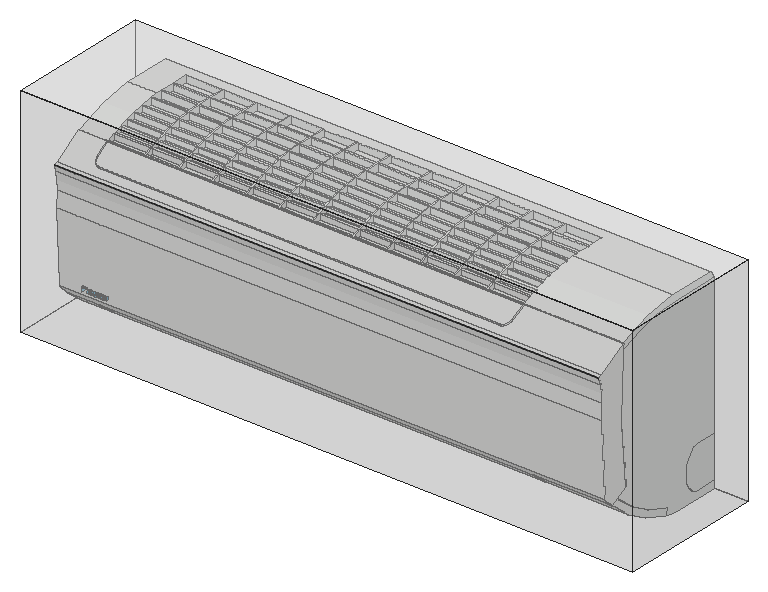
Revit family "outputfile", category 機械設備, Revit 2024
Family settings
  丸型コネクタ寸法 = 半径を使用
  パーツ タイプ = 標準
  OmniClass 番号 = 23.75.10.24.21.27.27
  OmniClass タイトル = Split System Air Conditioning Units
  作業面ベース = いいえ
  常に垂直 = はい
  ロード時にボイドで切り取り = いいえ
  注釈の向きを維持 = いいえ
  共有 = いいえ
  部屋計算ポイント = いいえ
Parameters (values of type "FTV35PBV1MW9")
  Description = ""
  製造元 = "Daikin"
  書き出し IFC クラス(タイプ) = "IfcUnitaryEquipmentType"
  定義済み IFC タイプ(タイプ) = "AIRCONDITIONINGUNIT"
  Cost = 0
  モデル = "FTV35PBV1MW9"
  Type Comments = ""
  Keynote = ""
  Type Image = (empty or 0)
  Assembly Code = ""
  switch_frequency = yes
  r_Liquid Pipe Size = Liquid Pipe Size / 2  # 3.2 mm
  r_Gas Pipe Size = Gas Pipe Size / 2  # 4.75 mm
  r_Drain Pipe Size = Drain Pipe Size / 2  # 9.55 mm
  lw_powersupply [instance] = if(or(Rear Right Connection_refrigerant, Bottom Right Connection_refrigerant), 65.0 mm + 5.3 mm, if(or(Rear Left Connection_refrigerant, Bottom Left Connection_refrigerant), 742.0 mm + 30.0 mm, 400.0 mm))  # 400.0 mm
  lw_liquidpipe [instance] = if(or(Rear Right Connection_refrigerant, Bottom Right Connection_refrigerant), 9.0 mm, if(or(Rear Left Connection_refrigerant, Bottom Left Connection_refrigerant), 668.0 mm + 40.0 mm, 800.0 mm - 592.0 mm - 48.0 mm))  # 160.0 mm
  lw_gaspipe [instance] = if(or(Rear Right Connection_refrigerant, Bottom Right Connection_refrigerant), 0.0 mm, if(or(Rear Left Connection_refrigerant, Bottom Left Connection_refrigerant), 661.0 mm + 30.0 mm, 800.0 mm - 592.0 mm - 49.0 mm - 48.0 mm))  # 111.0 mm
  lw_drainpipe [instance] = if(or(Rear Right Connection_refrigerant, Bottom Right Connection_refrigerant), 0.0 mm, if(or(Rear Left Connection_refrigerant, Bottom Left Connection_refrigerant), 675.0 mm + 30.0 mm, 0.0 mm))  # 0.0 mm
  l_powersupply_length [instance] = if(Right Connection_refrigerant, 400.0 mm, if(Left Connection_refrigerant, 800.0 mm - 400.0 mm, if(or(Rear Left Connection_refrigerant, Rear Right Connection_refrigerant), 15.0 mm, 40.0 mm)))  # 400.0 mm
  l_liquidpipe_length [instance] = if(Right Connection_refrigerant, 800.0 mm - 592.0 mm, if(Left Connection_refrigerant, 800.0 mm - (800.0 mm - 592.0 mm), if(or(Rear Left Connection_refrigerant, Rear Right Connection_refrigerant), 30.0 mm, 40.0 mm)))  # 208.0 mm
  l_gaspipe_length [instance] = if(Right Connection_refrigerant, 800.0 mm - 592.0 mm - 49.0 mm, if(Left Connection_refrigerant, 800.0 mm - (800.0 mm - 592.0 mm - 49.0 mm), if(or(Rear Left Connection_refrigerant, Rear Right Connection_refrigerant), 40.0 mm, 40.0 mm)))  # 159.0 mm
  l_drainpipe_length [instance] = if(Right Connection_refrigerant, 48.0 mm, if(Left Connection_refrigerant, 800.0 mm - 48.0 mm, if(or(Rear Left Connection_refrigerant, Rear Right Connection_refrigerant), 15.0 mm, 20.0 mm)))  # 48.0 mm
  h*** = 0.0 mm  # constant formula
  connector_voltage = Voltage_50Hz  # 230 V
  connector_powerinput = [Power Input (Cooling)]  # 1.040 kW
  connector_phase = Phase_50Hz  # 1
  angle_vertical [instance] = if(or(Bottom Left Connection_refrigerant, Bottom Right Connection_refrigerant), 0.00°, 90.00°)  # 90.00°
  angle_horizontal [instance] = if(Right Connection_refrigerant, 90.00°, if(Left Connection_refrigerant, -90.00°, if(or(Rear Left Connection_refrigerant, Rear Right Connection_refrigerant), 180.00°, 0.00°)))  # 90.00°
  Width = 800.0 mm
  Voltage_comment_50Hz = "220 - 240"
  Voltage_50Hz = 230 V
  Version = "ver.1.0"
  Unit Type = "Wall Mounted"
  Unit Mass Weight = 9.00 kg
  Unit Designation [instance] = ""
  Uniclass2015Version = "Products v1.30"
  Uniclass2015Title = "Split coil room air conditioning units"
  Uniclass2015Code = "Pr_70_65_03_86"
  URL = ""
  Total Cooling Capacity [instance] = 0.000 kW
  Sound Pressure Level_M speed (dBA) = 35
  Sound Pressure Level_L speed (dBA) = 29
  Sound Pressure Level_H speed (dBA) = 39
  Sound Power Level_H speed (dB) = 0
  Series = "Single Split_Fan Coil Unit"
  Sensible Cooling Capacity [instance] = 0.000 kW
  Refrigerant Type = "R32"
  Power Input (Cooling) = 1.040 kW
  Phase_50Hz = 1
  Option Accessory 3 [instance] = ""
  Option Accessory 2 [instance] = ""
  Option Accessory 1 [instance] = ""
  Nominal Cooling Capacity = 3.520 kW
  Minimum Circuit Amps_50Hz = 7.54 A
  Minimum Airflow = 411.00 m³/h
  Median Airflow = 506.00 m³/h
  Maximum Fuse Amps_50Hz = 16.0 A
  Maximum Airflow = 603.00 m³/h
  Material_Casing = DAIKIN_White_Casing_indoorunit
  Load Classification = HVAC
  Liquid Pipe Size = 6.4 mm
  Link_Nested Family [instance] = ""
  IfcVersion = ""
  IfcExportType = "AIRCONDITIONINGUNIT"
  IfcExportAs = "IfcUnitaryEquipmentType"
  Height = 288.0 mm
  Heat Exchanger Type = "Cross Fin Coil"
  Gas Pipe Size = 9.5 mm
  Frequency_50Hz = 50 Hz
  Fan Type = "Cross Flow Fan"
  Fan Drive = "-"
  FCU Tag No. [instance] = ""
  Drain Pipe Size = 19.1 mm
  Design Supply Airflow [instance] = 0.00 m³/h
  Depth = 212.0 mm
  既定の高さ = 0.0 mm
  Cooling Entering Wet Bulb Temperature [instance] = 0.00 °C
  Cooling Entering Dry Bulb Temperature [instance] = 0.00 °C
  Cooling Ambient Wet Bulb Temperature [instance] = 0.00 °C
  Cooling Ambient Dry Bulb Temperature [instance] = 0.00 °C
  Clearance visibility [instance] = yes
  Clearance Top = 30.0 mm
  Clearance Right = 50.0 mm
  Clearance Rear = 0.0 mm
  Clearance Left = 50.0 mm
  Clearance Front = 0.0 mm
  Clearance Bottom = 0.0 mm
  Bottom Right Connection_refrigerant [instance] = no
  Bottom Left Connection_refrigerant [instance] = no
  Rear Right Connection_refrigerant [instance] = no
  Rear Left Connection_refrigerant [instance] = no
  Right Connection_refrigerant [instance] = yes
  Left Connection_refrigerant [instance] = no
Reference planes
  plane 1 "Back": y = 0
  plane 2: z = 0
  plane 3 "Center (Left/Right)": x = 0
  plane 4 "Center (Front/Back)": y = -106
  plane 5 "Front": y = -212
  plane 6 "Left": x = -400
  plane 7 "Right": x = 400
  plane 8 "Top": z = 0
  plane 9 "Bottom": z = -288
  plane 10: x = -450
  plane 11: x = 450
  plane 12: y = 0
  plane 13: y = -212
  plane 14: z = 30
  plane 15: z = -288
  plane 16 "lw_Piping and Wiring intake": x = 352
  plane 17 "lw_gaspipe": x = 241
  plane 18 "lw_liquidpipe": x = 192
  plane 19 "lw_drainpipe": x = 352
  plane 20 "lh_drainpipe": z = -268
  plane 21 "lh_liquidpipe": z = -248
  plane 22 "lh_gaspipe": z = -248
  plane 23 "ld_drainpipe": y = -15
  plane 24 "ld_liquidpipe": y = -30
  plane 25 "ld_gaspipe": y = -40
  plane 26 "lw_powersupply": x = 0
Dimensions and locks
  equal spacing: plane 6 "Left", plane 3 "Center (Left/Right)", plane 7 "Right"
  "Width": plane 6 "Left" to plane 7 "Right"
  equal spacing: plane 5 "Front", plane 4 "Center (Front/Back)", plane 1 "Back"
  "Depth": plane 5 "Front" to plane 1 "Back"
  "Height": plane 8 "Top" to plane 9 "Bottom"
  "Clearance Rear": plane 12 to plane 1 "Back"
  "Clearance Front": plane 13 to plane 5 "Front"
  "Clearance Top": plane 14 to plane 8 "Top"
  "Clearance Bottom": plane 9 "Bottom" to plane 15
  locked: plane 16 "lw_Piping and Wiring intake" to plane 7 "Right" at 48
  "lw_gaspipe": plane 17 "lw_gaspipe" to plane 16 "lw_Piping and Wiring intake"
  "lw_liquidpipe": plane 18 "lw_liquidpipe" to plane 16 "lw_Piping and Wiring intake"
  "lw_drainpipe": plane 19 "lw_drainpipe" to plane 16 "lw_Piping and Wiring intake"
  locked: plane 20 "lh_drainpipe" to plane 9 "Bottom" at 20
  locked: plane 21 "lh_liquidpipe" to plane 9 "Bottom" at 40
  locked: plane 22 "lh_gaspipe" to plane 9 "Bottom" at 40
  locked: plane 23 "ld_drainpipe" to plane 1 "Back" at 15
  locked: plane 1 "Back" to plane 24 "ld_liquidpipe" at 30
  locked: plane 1 "Back" to plane 25 "ld_gaspipe" at 40
  "lw_powersupply": plane 26 "lw_powersupply" to plane 7 "Right"
  "Clearance Left": plane 10 to plane 6 "Left"
  "Clearance Right": plane 7 "Right" to plane 11
  plane 6 "Left" to plane 18 "lw_liquidpipe" = 592.0 mm
  plane 18 "lw_liquidpipe" to plane 17 "lw_gaspipe" = 49.0 mm
  aligned and locked: level to plane 2
  aligned and locked: plane 12 to nested 1
  aligned and locked: nested 1 to plane 13
  aligned and locked: plane 10 to nested 1
  aligned and locked: plane 11 to nested 1
  aligned and locked: plane 17 "lw_gaspipe" to nested 2
  aligned and locked: nested 2 to plane 25 "ld_gaspipe"
  aligned and locked: plane 18 "lw_liquidpipe" to nested 3
  aligned and locked: nested 3 to plane 24 "ld_liquidpipe"
  aligned and locked: plane 19 "lw_drainpipe" to nested 4
  aligned and locked: nested 4 to plane 23 "ld_drainpipe"
  aligned and locked: nested 5 to plane 23 "ld_drainpipe"
  aligned and locked: plane 26 "lw_powersupply" to nested 5
  aligned and locked: level to plane 8 "Top"
  aligned and locked: plane 14 to nested 1
  aligned and locked: plane 15 to nested 1
  aligned and locked: plane 3 "Center (Left/Right)" to nested 6
  aligned and locked: plane 1 "Back" to nested 6
  aligned and locked: plane 8 "Top" to nested 6
Nested families
  nested 1: "daikin_clearancespace" at (0, -106, -128.881), show <- "Clearance visibility", visible <- "Clearance visibility", Link_Nested Family <- "Link_Nested Family", type "daikin_clearancespace"
    with width 900.0 mm, show yes, height 318.0 mm, depth 212.0 mm, Link_Nested Family ""
  nested 2: "daikin_connector_rotate3" at (241, -40, -248), angle_vertical <- "angle_vertical", angle_horizontal <- "angle_horizontal", length <- "l_gaspipe_length", radius <- "r_Gas Pipe Size", type "daikin_connector_rotate3"
    with show no, radius 4.75 mm, length 159.0 mm, angle_vertical 90.00°, angle_horizontal 90.00°
  nested 3: "daikin_connector_rotate3" at (192, -30, -248), angle_vertical <- "angle_vertical", angle_horizontal <- "angle_horizontal", radius <- "r_Liquid Pipe Size", length <- "l_liquidpipe_length", type "daikin_connector_rotate3"
    with show no, radius 3.2 mm, length 208.0 mm, angle_vertical 90.00°, angle_horizontal 90.00°
  nested 4: "daikin_connector_rotate3" at (352, -15, -268), angle_vertical <- "angle_vertical", angle_horizontal <- "angle_horizontal", length <- "l_drainpipe_length", radius <- "r_Drain Pipe Size", type "daikin_connector_rotate3"
    with show no, radius 9.55 mm, length 48.0 mm, angle_vertical 90.00°, angle_horizontal 90.00°
  nested 5: "daikin_connector_rotate3" at (0, -15, -248), angle_vertical <- "angle_vertical", angle_horizontal <- "angle_horizontal", length <- "l_powersupply_length", type "daikin_connector_rotate3"
    with show no, radius 10.0 mm, length 400.0 mm, angle_vertical 90.00°, angle_horizontal 90.00°
  nested 6: "DAIKIN_indoorunit_FTV-PBV1MW9" at (-31, 0, 0), type "FTV-PBV1MW9"
Connectors
  piping at (400, -40, -248), diameter 9.5, driven by "r_Gas Pipe Size"
    settings: on nested 2, index 1, connector inside diameter 609.6 mm, connector length 0.0 mm, flow factor 0, pipe flow 0.00 m³/h, pressure drop 0.0 Pa, fitting loss kfactor 0, connector angle 0.00°, fixture units 0, engagement length 0.0 mm, angle of deflection 0.00°, flow configuration 1, flow direction 2, fitting loss method 0, system type 29, joint type 0, gender type 0, connector reference index -1, connector utility 0, adjustable connector no, is connector primary yes, connector description "Refrigerant Gas Piping"
  piping at (400, -30, -248), diameter 6.4, driven by "r_Liquid Pipe Size"
    settings: on nested 3, index 2, connector inside diameter 609.6 mm, connector length 0.0 mm, flow factor 0, pipe flow 0.00 m³/h, pressure drop 0.0 Pa, fitting loss kfactor 0, connector angle 0.00°, fixture units 0, engagement length 0.0 mm, angle of deflection 0.00°, flow configuration 1, flow direction 1, fitting loss method 0, system type 29, joint type 0, gender type 0, connector reference index -1, connector utility 0, adjustable connector no, is connector primary no, connector description "Refrigerant Liquid Piping"
  piping at (400, -15, -268), diameter 19.1, driven by "r_Drain Pipe Size"
    settings: on nested 4, index 3, connector inside diameter 609.6 mm, connector length 0.0 mm, flow factor 0, pipe flow 0.00 m³/h, pressure drop 0.0 Pa, fitting loss kfactor 0, connector angle 0.00°, fixture units 0, engagement length 0.0 mm, angle of deflection 0.00°, flow configuration 1, flow direction 2, fitting loss method 4, system type 16, joint type 0, gender type 0, connector reference index -1, connector utility 0, adjustable connector no, is connector primary no, connector description "Condensate Drain Piping"
  electrical at (400, -15, -248), driven by "Load Classification", driven by "connector_voltage", driven by "connector_powerinput", driven by "connector_phase"
    settings: on nested 5, index 4, voltage 230 V, apparent load 1040 VA, apparent load phase1 0 VA, apparent load phase2 0 VA, apparent load phase3 0 VA, power factor 1, load classification "HVAC", number of poles 1, system type 30, power factor state 1, is connector primary yes, connector utility no, sub classification motor no, connector description "Power Supply"
Definition of nested family "daikin_clearancespace"
  Parameters (values of type "daikin_clearancespace")
    Description = "daikin_clearancespace"
    width [instance] = 1823.963 mm
    show [instance] = yes
    material = none
    height [instance] = 1359.762 mm
    depth [instance] = 880.0 mm
    Default Elevation = 0.0 mm
    Link_Nested Family [instance] = ""
  Reference planes
    plane 1 "Center (Front/Back)": y = 0
    plane 2 "Center (Elevation)": z = -0.119
    plane 3 "Center (Left/Right)": x = 0
    plane 4: y = 440
    plane 5: y = -440
    plane 6 "Right": x = 911.982
    plane 7 "Left": x = -911.982
    plane 8 "Top": z = 679.762
    plane 9 "Bottom": z = -680
  Forms (mm)
    Extrusion 1, solid, material <- "material", visible <- "show"
      sketch origin (0, 0, 0) x (1, 0, 0) y (0, 1, 0)
        loop
          line (-911.982, 440) -> (-911.982, -440) -> (911.982, -440) -> (911.982, 440) -> (-911.982, 440)
      from -680 to 679.762
  Lines and regions (mm)
    symbolic lines, visible <- "show"
      curve 1: line (911.982, 440, 0) -> (-911.982, 440, 0)
      curve 2: line (-911.982, 440, 0) -> (-911.982, -440, 0)
      curve 3: line (-911.982, -440, 0) -> (911.982, -440, 0)
      curve 4: line (911.982, -440, 0) -> (911.982, 440, 0)
      curve 5: line (911.982, 0, 679.762) -> (-911.982, 0, 679.762)
      curve 6: line (911.982, 0, -680) -> (911.982, 0, 679.762)
      curve 7: line (-911.982, 0, -680) -> (911.982, 0, -680)
      curve 8: line (-911.982, 0, 679.762) -> (-911.982, 0, -680)
      curve 9: line (0, 440, 679.762) -> (0, -440, 679.762)
      curve 10: line (0, -440, 679.762) -> (0, -440, -680)
      curve 11: line (0, 440, -680) -> (0, 440, 679.762)
      curve 12: line (0, -440, -680) -> (0, 440, -680)
  Dimensions and locks
    "width": plane 7 "Left" to plane 6 "Right"
    "depth": plane 4 to plane 5
    "height": plane 8 "Top" to plane 9 "Bottom"
    equal spacing: plane 7 "Left", plane 3 "Center (Left/Right)", plane 6 "Right"
    equal spacing: plane 4, plane 1 "Center (Front/Back)", plane 5
    equal spacing: plane 8 "Top", plane 2 "Center (Elevation)", plane 9 "Bottom"
    aligned and locked: level to plane 2 "Center (Elevation)"
    aligned and locked: Extrusion 1 sketch curve to plane 4
    aligned and locked: plane 7 "Left" to Extrusion 1 sketch curve
    aligned and locked: Extrusion 1 sketch curve to plane 5
    aligned and locked: Extrusion 1 sketch curve to plane 6 "Right"
    aligned and locked: plane 8 "Top" to Extrusion 1
    aligned and locked: curve 1 to Extrusion 1
    aligned and locked: curve 2 to Extrusion 1
    aligned and locked: curve 3 to Extrusion 1
    aligned and locked: curve 4 to Extrusion 1
    aligned and locked: curve 5 to Extrusion 1
    aligned and locked: curve 6 to Extrusion 1
    aligned and locked: curve 7 to Extrusion 1
    aligned and locked: curve 8 to Extrusion 1
    aligned and locked: curve 9 to Extrusion 1
    aligned and locked: curve 10 to Extrusion 1
    aligned and locked: curve 11 to Extrusion 1
    aligned and locked: curve 12 to Extrusion 1
    aligned and locked: Extrusion 1 to plane 9 "Bottom"
Definition of nested family "DAIKIN_indoorunit_FTV-PBV1MW9"
  Parameters (values of type "FTV-PBV1MF9")
    Width = 800.0 mm
    Material_Casing = none
    Height = 288.0 mm
    Default Elevation = 0.0 mm
  Reference planes
    plane 1 "Center (Front/Back)": y = 0
    plane 2 "reference_level": z = 0
    plane 3 "Center (Left/Right)": x = 31
    plane 4: y = -212
    plane 5: x = -369
    plane 6: x = 431
    plane 7: x = -369
    plane 8: x = 431
    plane 9: z = -288
  Forms (mm)
    Extrusion 1, solid, material <- "Material_Casing"
      sketch origin (31, 0, 0) x (0, 1, 0) y (0, 0, 1)
        loop
          arc (-167.658, -37.907) -> (-181.072, -45.445) -> (-193.973, -53.831) r 238.983
          arc (-193.973, -53.831) -> (-198.179, -56.235) -> (-202.744, -57.855) r 27.19
          line (-202.744, -57.855) -> (-209.233, -59.409)
          arc (-209.233, -59.409) -> (-206.876, -72.128) -> (-206.426, -85.056) r 87.213
          line (-206.426, -85.056) -> (-207.343, -108.316)
          arc (-207.343, -108.316) -> (-206.958, -161.328) -> (-201.625, -214.072) r 567.254
          arc (-201.625, -214.072) -> (-194.69, -221.539) -> (-187.446, -228.706) r 240.501
          line (-187.446, -228.706) -> (-164.341, -215.366)
          arc (-164.341, -215.366) -> (-170.74, -126.725) -> (-167.658, -37.907) r 832.797
      from -400 to 400
    Extrusion 2, void
      sketch origin (33, 0, 0) x (1, 0, 0) y (0, 1, 0)
        loop
          line (-306.3, -45.991) -> (-306.3, -22.991) -> (-359.5, -22.991) -> (-359.5, -45.991) -> (-306.3, -45.991)
        loop
          line (-306.3, -67.491) -> (-306.3, -47.991) -> (-359.5, -47.991) -> (-359.5, -67.491) -> (-306.3, -67.491)
        loop
          line (-306.3, -69.491) -> (-359.5, -69.491) -> (-359.5, -86.209) -> (-306.3, -86.209) -> (-306.3, -69.491)
        loop
          line (-306.3, -87.991) -> (-359.5, -87.991) -> (-359.5, -102.991) -> (-306.3, -102.991) -> (-306.3, -87.991)
        loop
          line (-306.3, -104.991) -> (-359.5, -104.991) -> (-359.5, -117.491) -> (-306.3, -117.491) -> (-306.3, -104.991)
        loop
          line (-306.3, -119.491) -> (-359.5, -119.491) -> (-359.5, -129.991) -> (-306.3, -129.991) -> (-306.3, -119.491)
        loop
          line (-306.3, -131.991) -> (-359.5, -131.991) -> (-359.5, -141.491) -> (-306.3, -141.491) -> (-306.3, -131.991)
        loop
          line (-306.3, -143.491) -> (-359.5, -143.491) -> (-359.5, -152.991) -> (-306.3, -152.991) -> (-306.3, -143.491)
        loop
          line (-306.3, -154.991) -> (-359.5, -154.991) -> (-359.5, -165) -> (-306.3, -165) -> (-306.3, -154.991)
        loop
          line (-304.3, -22.991) -> (-304.3, -45.991) -> (-257.1, -45.991) -> (-257.1, -22.991) -> (-304.3, -22.991)
        loop
          line (-257.1, -47.991) -> (-304.3, -47.991) -> (-304.3, -67.491) -> (-257.1, -67.491) -> (-257.1, -47.991)
        loop
          line (-304.3, -69.491) -> (-304.3, -85.991) -> (-257.1, -85.991) -> (-257.1, -69.491) -> (-304.3, -69.491)
        loop
          line (-257.1, -87.991) -> (-304.3, -87.991) -> (-304.3, -102.991) -> (-257.1, -102.991) -> (-257.1, -87.991)
        loop
          line (-304.3, -104.991) -> (-304.3, -117.491) -> (-257.1, -117.491) -> (-257.1, -104.991) -> (-304.3, -104.991)
        loop
          line (-257.1, -119.491) -> (-304.3, -119.491) -> (-304.3, -129.991) -> (-257.1, -129.991) -> (-257.1, -119.491)
        loop
          line (-304.3, -131.991) -> (-304.3, -141.491) -> (-257.1, -141.491) -> (-257.1, -131.991) -> (-304.3, -131.991)
        loop
          line (-257.1, -143.491) -> (-304.3, -143.491) -> (-304.3, -152.991) -> (-257.1, -152.991) -> (-257.1, -143.491)
        loop
          line (-304.3, -154.991) -> (-304.3, -165) -> (-257.1, -165) -> (-257.1, -154.991) -> (-304.3, -154.991)
        loop
          line (-255.1, -22.991) -> (-255.1, -45.991) -> (-207.9, -45.991) -> (-207.9, -22.991) -> (-255.1, -22.991)
        loop
          line (-207.9, -47.991) -> (-255.1, -47.991) -> (-255.1, -67.491) -> (-207.9, -67.491) -> (-207.9, -47.991)
        loop
          line (-255.1, -69.491) -> (-255.1, -85.991) -> (-207.9, -85.991) -> (-207.9, -69.491) -> (-255.1, -69.491)
        loop
          line (-207.9, -87.991) -> (-255.1, -87.991) -> (-255.1, -102.991) -> (-207.9, -102.991) -> (-207.9, -87.991)
        loop
          line (-255.1, -104.991) -> (-255.1, -117.491) -> (-207.9, -117.491) -> (-207.9, -104.991) -> (-255.1, -104.991)
        loop
          line (-207.9, -119.491) -> (-255.1, -119.491) -> (-255.1, -129.991) -> (-207.9, -129.991) -> (-207.9, -119.491)
        loop
          line (-255.1, -131.991) -> (-255.1, -141.491) -> (-207.9, -141.491) -> (-207.9, -131.991) -> (-255.1, -131.991)
        loop
          line (-207.9, -143.491) -> (-255.1, -143.491) -> (-255.1, -152.991) -> (-207.9, -152.991) -> (-207.9, -143.491)
        loop
          line (-255.1, -154.991) -> (-255.1, -165) -> (-207.9, -165) -> (-207.9, -154.991) -> (-255.1, -154.991)
        loop
          line (-205.9, -22.991) -> (-205.9, -45.991) -> (-158.7, -45.991) -> (-158.7, -22.991) -> (-205.9, -22.991)
        loop
          line (-158.7, -47.991) -> (-205.9, -47.991) -> (-205.9, -67.491) -> (-158.7, -67.491) -> (-158.7, -47.991)
        loop
          line (-205.9, -69.491) -> (-205.9, -85.991) -> (-158.7, -85.991) -> (-158.7, -69.491) -> (-205.9, -69.491)
        loop
          line (-158.7, -87.991) -> (-205.9, -87.991) -> (-205.9, -102.991) -> (-158.7, -102.991) -> (-158.7, -87.991)
        loop
          line (-205.9, -104.991) -> (-205.9, -117.491) -> (-158.7, -117.491) -> (-158.7, -104.991) -> (-205.9, -104.991)
        loop
          line (-158.7, -119.491) -> (-205.9, -119.491) -> (-205.9, -129.991) -> (-158.7, -129.991) -> (-158.7, -119.491)
        loop
          line (-205.9, -131.991) -> (-205.9, -141.491) -> (-158.7, -141.491) -> (-158.7, -131.991) -> (-205.9, -131.991)
        loop
          line (-158.7, -143.491) -> (-205.9, -143.491) -> (-205.9, -152.991) -> (-158.7, -152.991) -> (-158.7, -143.491)
        loop
          line (-205.9, -154.991) -> (-205.9, -165) -> (-158.7, -165) -> (-158.7, -154.991) -> (-205.9, -154.991)
        loop
          line (-156.7, -22.991) -> (-156.7, -45.991) -> (-109.5, -45.991) -> (-109.5, -22.991) -> (-156.7, -22.991)
        loop
          line (-109.5, -47.991) -> (-156.7, -47.991) -> (-156.7, -67.491) -> (-109.5, -67.491) -> (-109.5, -47.991)
        loop
          line (-156.7, -69.491) -> (-156.7, -85.991) -> (-109.5, -85.991) -> (-109.5, -69.491) -> (-156.7, -69.491)
        loop
          line (-109.5, -87.991) -> (-156.7, -87.991) -> (-156.7, -102.991) -> (-109.5, -102.991) -> (-109.5, -87.991)
        loop
          line (-156.7, -104.991) -> (-156.7, -117.491) -> (-109.5, -117.491) -> (-109.5, -104.991) -> (-156.7, -104.991)
        loop
          line (-109.5, -119.491) -> (-156.7, -119.491) -> (-156.7, -129.991) -> (-109.5, -129.991) -> (-109.5, -119.491)
        loop
          line (-156.7, -131.991) -> (-156.7, -141.491) -> (-109.5, -141.491) -> (-109.5, -131.991) -> (-156.7, -131.991)
        loop
          line (-109.5, -143.491) -> (-156.7, -143.491) -> (-156.7, -152.991) -> (-109.5, -152.991) -> (-109.5, -143.491)
        loop
          line (-156.7, -154.991) -> (-156.7, -165) -> (-109.5, -165) -> (-109.5, -154.991) -> (-156.7, -154.991)
        loop
          line (-107.5, -22.991) -> (-107.5, -45.991) -> (-60.3, -45.991) -> (-60.3, -22.991) -> (-107.5, -22.991)
        loop
          line (-60.3, -47.991) -> (-107.5, -47.991) -> (-107.5, -67.491) -> (-60.3, -67.491) -> (-60.3, -47.991)
        loop
          line (-107.5, -69.491) -> (-107.5, -85.991) -> (-60.3, -85.991) -> (-60.3, -69.491) -> (-107.5, -69.491)
        loop
          line (-60.3, -87.991) -> (-107.5, -87.991) -> (-107.5, -102.991) -> (-60.3, -102.991) -> (-60.3, -87.991)
        loop
          line (-107.5, -104.991) -> (-107.5, -117.491) -> (-60.3, -117.491) -> (-60.3, -104.991) -> (-107.5, -104.991)
        loop
          line (-60.3, -119.491) -> (-107.5, -119.491) -> (-107.5, -129.991) -> (-60.3, -129.991) -> (-60.3, -119.491)
        loop
          line (-107.5, -131.991) -> (-107.5, -141.491) -> (-60.3, -141.491) -> (-60.3, -131.991) -> (-107.5, -131.991)
        loop
          line (-60.3, -143.491) -> (-107.5, -143.491) -> (-107.5, -152.991) -> (-60.3, -152.991) -> (-60.3, -143.491)
        loop
          line (-107.5, -154.991) -> (-107.5, -165) -> (-60.3, -165) -> (-60.3, -154.991) -> (-107.5, -154.991)
        loop
          line (1.5, -22.991) -> (1.5, -45.991) -> (48.7, -45.991) -> (48.7, -22.991) -> (1.5, -22.991)
        loop
          line (48.7, -47.991) -> (1.5, -47.991) -> (1.5, -67.491) -> (48.7, -67.491) -> (48.7, -47.991)
        loop
          line (1.5, -69.491) -> (1.5, -85.991) -> (48.7, -85.991) -> (48.7, -69.491) -> (1.5, -69.491)
        loop
          line (48.7, -87.991) -> (1.5, -87.991) -> (1.5, -102.991) -> (48.7, -102.991) -> (48.7, -87.991)
        loop
          line (1.5, -104.991) -> (1.5, -117.491) -> (48.7, -117.491) -> (48.7, -104.991) -> (1.5, -104.991)
        loop
          line (48.7, -119.491) -> (1.5, -119.491) -> (1.5, -129.991) -> (48.7, -129.991) -> (48.7, -119.491)
        loop
          line (1.5, -131.991) -> (1.5, -141.491) -> (48.7, -141.491) -> (48.7, -131.991) -> (1.5, -131.991)
        loop
          line (48.7, -143.491) -> (1.5, -143.491) -> (1.5, -152.991) -> (48.7, -152.991) -> (48.7, -143.491)
        loop
          line (1.5, -154.991) -> (1.5, -165) -> (48.7, -165) -> (48.7, -154.991) -> (1.5, -154.991)
        loop
          line (50.7, -22.991) -> (50.7, -45.991) -> (97.9, -45.991) -> (97.9, -22.991) -> (50.7, -22.991)
        loop
          line (97.9, -47.991) -> (50.7, -47.991) -> (50.7, -67.491) -> (97.9, -67.491) -> (97.9, -47.991)
        loop
          line (50.7, -69.491) -> (50.7, -85.991) -> (97.9, -85.991) -> (97.9, -69.491) -> (50.7, -69.491)
        loop
          line (97.9, -87.991) -> (50.7, -87.991) -> (50.7, -102.991) -> (97.9, -102.991) -> (97.9, -87.991)
        loop
          line (50.7, -104.991) -> (50.7, -117.491) -> (97.9, -117.491) -> (97.9, -104.991) -> (50.7, -104.991)
        loop
          line (97.9, -119.491) -> (50.7, -119.491) -> (50.7, -129.991) -> (97.9, -129.991) -> (97.9, -119.491)
        loop
          line (50.7, -131.991) -> (50.7, -141.491) -> (97.9, -141.491) -> (97.9, -131.991) -> (50.7, -131.991)
        loop
          line (97.9, -143.491) -> (50.7, -143.491) -> (50.7, -152.991) -> (97.9, -152.991) -> (97.9, -143.491)
        loop
          line (50.7, -154.991) -> (50.7, -165) -> (97.9, -165) -> (97.9, -154.991) -> (50.7, -154.991)
        loop
          line (99.9, -22.991) -> (99.9, -45.991) -> (147.1, -45.991) -> (147.1, -22.991) -> (99.9, -22.991)
        loop
          line (147.1, -47.991) -> (99.9, -47.991) -> (99.9, -67.491) -> (147.1, -67.491) -> (147.1, -47.991)
        loop
          line (99.9, -69.491) -> (99.9, -85.991) -> (147.1, -85.991) -> (147.1, -69.491) -> (99.9, -69.491)
        loop
          line (147.1, -87.991) -> (99.9, -87.991) -> (99.9, -102.991) -> (147.1, -102.991) -> (147.1, -87.991)
        loop
          line (99.9, -104.991) -> (99.9, -117.491) -> (147.1, -117.491) -> (147.1, -104.991) -> (99.9, -104.991)
        loop
          line (147.1, -119.491) -> (99.9, -119.491) -> (99.9, -129.991) -> (147.1, -129.991) -> (147.1, -119.491)
        loop
          line (99.9, -131.991) -> (99.9, -141.491) -> (147.1, -141.491) -> (147.1, -131.991) -> (99.9, -131.991)
        loop
          line (147.1, -143.491) -> (99.9, -143.491) -> (99.9, -152.991) -> (147.1, -152.991) -> (147.1, -143.491)
        loop
          line (99.9, -154.991) -> (99.9, -165) -> (147.1, -165) -> (147.1, -154.991) -> (99.9, -154.991)
        loop
          line (149.1, -22.991) -> (149.1, -45.991) -> (196.3, -45.991) -> (196.3, -22.991) -> (149.1, -22.991)
        loop
          line (196.3, -47.991) -> (149.1, -47.991) -> (149.1, -67.491) -> (196.3, -67.491) -> (196.3, -47.991)
        loop
          line (149.1, -69.491) -> (149.1, -85.991) -> (196.3, -85.991) -> (196.3, -69.491) -> (149.1, -69.491)
        loop
          line (196.3, -87.991) -> (149.1, -87.991) -> (149.1, -102.991) -> (196.3, -102.991) -> (196.3, -87.991)
        loop
          line (149.1, -104.991) -> (149.1, -117.491) -> (196.3, -117.491) -> (196.3, -104.991) -> (149.1, -104.991)
        loop
          line (196.3, -119.491) -> (149.1, -119.491) -> (149.1, -129.991) -> (196.3, -129.991) -> (196.3, -119.491)
        loop
          line (149.1, -131.991) -> (149.1, -141.491) -> (196.3, -141.491) -> (196.3, -131.991) -> (149.1, -131.991)
        loop
          line (196.3, -143.491) -> (149.1, -143.491) -> (149.1, -152.991) -> (196.3, -152.991) -> (196.3, -143.491)
        loop
          line (149.1, -154.991) -> (149.1, -165) -> (196.3, -165) -> (196.3, -154.991) -> (149.1, -154.991)
        loop
          line (198.3, -22.991) -> (198.3, -45.991) -> (251.5, -45.991) -> (251.5, -22.991) -> (198.3, -22.991)
        loop
          line (251.5, -47.991) -> (198.3, -47.991) -> (198.3, -67.491) -> (251.5, -67.491) -> (251.5, -47.991)
        loop
          line (198.3, -69.491) -> (198.3, -85.991) -> (251.5, -85.991) -> (251.5, -69.491) -> (198.3, -69.491)
        loop
          line (251.5, -87.991) -> (198.3, -87.991) -> (198.3, -102.991) -> (251.5, -102.991) -> (251.5, -87.991)
        loop
          line (198.3, -104.991) -> (198.3, -117.491) -> (251.5, -117.491) -> (251.5, -104.991) -> (198.3, -104.991)
        loop
          line (251.5, -119.491) -> (198.3, -119.491) -> (198.3, -129.991) -> (251.5, -129.991) -> (251.5, -119.491)
        loop
          line (198.3, -131.991) -> (198.3, -141.491) -> (251.5, -141.491) -> (251.5, -131.991) -> (198.3, -131.991)
        loop
          line (251.5, -143.491) -> (198.3, -143.491) -> (198.3, -152.991) -> (251.5, -152.991) -> (251.5, -143.491)
        loop
          line (198.3, -154.991) -> (198.3, -165) -> (251.5, -165) -> (251.5, -154.991) -> (198.3, -154.991)
        loop
          line (-58.3, -22.991) -> (-58.3, -45.991) -> (-0.5, -45.991) -> (-0.5, -22.991) -> (-58.3, -22.991)
        loop
          line (-0.5, -47.991) -> (-58.3, -47.991) -> (-58.3, -67.491) -> (-0.5, -67.491) -> (-0.5, -47.991)
        loop
          line (-58.3, -69.491) -> (-58.3, -85.991) -> (-0.5, -85.991) -> (-0.5, -69.491) -> (-58.3, -69.491)
        loop
          line (-0.5, -87.991) -> (-58.3, -87.991) -> (-58.3, -102.991) -> (-0.5, -102.991) -> (-0.5, -87.991)
        loop
          line (-58.3, -104.991) -> (-58.3, -117.491) -> (-0.5, -117.491) -> (-0.5, -104.991) -> (-58.3, -104.991)
        loop
          line (-0.5, -119.491) -> (-58.3, -119.491) -> (-58.3, -129.991) -> (-0.5, -129.991) -> (-0.5, -119.491)
        loop
          line (-58.3, -131.991) -> (-58.3, -141.491) -> (-0.5, -141.491) -> (-0.5, -131.991) -> (-58.3, -131.991)
        loop
          line (-0.5, -143.491) -> (-58.3, -143.491) -> (-58.3, -152.991) -> (-0.5, -152.991) -> (-0.5, -143.491)
        loop
          line (-58.3, -154.991) -> (-58.3, -165) -> (-0.5, -165) -> (-0.5, -154.991) -> (-58.3, -154.991)
      from -40.013 to 47.268
    Extrusion 3, solid, material <- "Material_Casing"
      sketch origin (418, 1296.25, 1200) x (0, 1, 0) y (0, 0, 1)
        loop
          line (-1473.873, -1424.191) -> (-1482.936, -1429.424)
          arc (-1482.936, -1429.424) -> (-1437.753, -1462.876) -> (-1386.039, -1484.925) r 240.501
          line (-1386.039, -1484.925) -> (-1383.459, -1475.26)
          arc (-1383.459, -1475.26) -> (-1431.579, -1454.883) -> (-1473.873, -1424.191) r 230.501
      from 13 to -104
    Extrusion 4, solid, material <- "Material_Casing"
      sketch origin (431, 1296.25, 1200) x (0, -1, 0) y (0, 0, 1)
        loop
          line (1296.25, -1416) -> (1296.25, -1477) -> (1324.531, -1477)
          arc (1324.531, -1477) -> (1340.087, -1470.556) -> (1346.531, -1455) r 22
          line (1346.531, -1455) -> (1346.531, -1438)
          arc (1346.531, -1438) -> (1340.087, -1422.444) -> (1324.531, -1416) r 22
          line (1324.531, -1416) -> (1296.25, -1416)
      from 0 to 5
    Extrusion 5, solid, material <- "Material_Casing"
      sketch origin (31, 200, -288) x (-1, 0, 0) y (0, -1, 0)
        loop
          line (385, 200) -> (385, 228.281)
          arc (385, 228.281) -> (378.556, 243.837) -> (363, 250.281) r 22
          line (363, 250.281) -> (346, 250.281)
          arc (346, 250.281) -> (330.444, 243.837) -> (324, 228.281) r 22
          line (324, 228.281) -> (324, 200) -> (385, 200)
        loop
          line (-372, 200) -> (-311, 200) -> (-311, 228.281)
          arc (-311, 228.281) -> (-317.444, 243.837) -> (-333, 250.281) r 22
          line (-333, 250.281) -> (-350, 250.281)
          arc (-350, 250.281) -> (-365.556, 243.837) -> (-372, 228.281) r 22
          line (-372, 228.281) -> (-372, 200)
      from 0 to 5
    Extrusion 6, solid, material <- "Material_Casing"
      sketch origin (0, 0, 0) x (1, 0, 0) y (0, 1, 0)
        loop
          arc (-327.717, -167) -> (-327.08, -176.795) -> (-326.264, -186.577) r 532.302
          arc (-326.264, -186.577) -> (-322.859, -193.29) -> (-315.837, -196) r 10.5
          line (-315.837, -196) -> (272.837, -196)
          arc (272.837, -196) -> (279.86, -193.29) -> (283.264, -186.577) r 10.5
          arc (283.264, -186.577) -> (284.081, -176.795) -> (284.717, -167) r 532.302
          line (284.717, -167) -> (-327.717, -167)
      from 0 to -64.738
    Extrusion 7, void
      sketch origin (31, 0, 0) x (0, 1, 0) y (0, 0, 1)
        loop
          line (-161.353, 6.246) -> (-204.673, 6.246) -> (-204.673, -68.754) -> (-161.353, -68.754) -> (-161.353, 6.246)
        loop
          arc (-166.353, -24.387) -> (-182.505, -32.935) -> (-197.991, -42.638) r 250.383
          line (-197.991, -42.638) -> (-197.991, -56.693)
          arc (-197.991, -56.693) -> (-183.175, -46.733) -> (-167.658, -37.907) r 238.983
          arc (-167.658, -37.907) -> (-167.033, -31.144) -> (-166.353, -24.387) r 832.797
      from -385 to 385
    Extrusion 8, solid, material <- "Material_Casing"
      sketch origin (31, 0, -50) x (0, 1, 0) y (0, 0, 1)
        loop
          line (0, -238) -> (0, 40) -> (-75.78, 40)
          arc (-75.78, 40) -> (-122.232, 34.466) -> (-166.084, 18.173) r 197.718
          arc (-166.084, 18.173) -> (-169.674, -73.941) -> (-163.264, -165.901) r 849.712
          line (-163.264, -165.901) -> (-177.622, -174.191)
          arc (-177.622, -174.191) -> (-135.329, -204.883) -> (-87.209, -225.26) r 230.501
          line (-87.209, -225.26) -> (-89.788, -234.923)
          arc (-89.788, -234.923) -> (-78.072, -237.167) -> (-66.172, -238) r 100.04
          line (-66.172, -238) -> (0, -238)
      from -400 to 400
    Extrusion 9, solid, material <- "Material_Casing"
      sketch origin (-369, 1296.25, 1200) x (0, -1, 0) y (0, 0, -1)
        loop
          line (1296.25, 1416) -> (1324.531, 1416)
          arc (1324.531, 1416) -> (1340.087, 1422.444) -> (1346.531, 1438) r 22
          line (1346.531, 1438) -> (1346.531, 1455)
          arc (1346.531, 1455) -> (1340.087, 1470.556) -> (1324.531, 1477) r 22
          line (1324.531, 1477) -> (1296.25, 1477) -> (1296.25, 1416)
      from 0 to 5
    Extrusion 10, solid, material <- "Material_Casing"
      sketch origin (31, 0, -20) x (0, 1, 0) y (0, 0, 1)
        loop
          line (-75.78, 10) -> (0, 10) -> (-6.985, 20) -> (-76.159, 20)
          arc (-76.159, 20) -> (-121.824, 12.276) -> (-165.287, -3.721) r 250.522
          arc (-165.287, -3.721) -> (-165.695, -7.773) -> (-166.084, -11.827) r 849.712
          arc (-166.084, -11.827) -> (-122.232, 4.466) -> (-75.78, 10) r 197.718
      from -400 to 400
    Extrusion 11, solid, material <- "Material_Casing"
      sketch origin (283, 1296.25, 1200) x (0, 1, 0) y (0, 0, 1)
        loop
          line (-1473.873, -1424.191) -> (-1482.936, -1429.424)
          arc (-1482.936, -1429.424) -> (-1437.753, -1462.876) -> (-1386.039, -1484.925) r 240.501
          line (-1386.039, -1484.925) -> (-1383.459, -1475.26)
          arc (-1383.459, -1475.26) -> (-1431.579, -1454.883) -> (-1473.873, -1424.191) r 230.501
      from 27 to -606.784
    Extrusion 12, solid, material <- "Material_Casing"
      sketch origin (233, 1296.25, 1200) x (0, 1, 0) y (0, 0, 1)
        loop
          line (-1473.873, -1424.191) -> (-1482.936, -1429.424)
          arc (-1482.936, -1429.424) -> (-1437.753, -1462.876) -> (-1386.039, -1484.925) r 240.501
          line (-1386.039, -1484.925) -> (-1383.459, -1475.26)
          arc (-1383.459, -1475.26) -> (-1431.579, -1454.883) -> (-1473.873, -1424.191) r 230.501
      from -559.5 to -602
    Extrusion 13, void
      sketch origin (0, 0, 100) x (1, 0, 0) y (0, 1, 0)
        loop
          arc (-327.717, -167) -> (-327.08, -176.795) -> (-326.264, -186.577) r 532.302
          arc (-326.264, -186.577) -> (-322.859, -193.29) -> (-315.837, -196) r 10.5
          line (-315.837, -196) -> (272.837, -196)
          arc (272.837, -196) -> (279.86, -193.29) -> (283.264, -186.577) r 10.5
          arc (283.264, -186.577) -> (284.081, -176.795) -> (284.717, -167) r 532.302
          line (284.717, -167) -> (-327.717, -167)
      from 0 to -190
    Extrusion 14, solid, material <- "Material_Casing"
      sketch origin (31, 0, 0) x (0, 1, 0) y (0, 0, 1)
        loop
          arc (-166.353, -24.387) -> (-186.802, -35.471) -> (-206.134, -48.405) r 250.383
          line (-206.134, -48.405) -> (-212, -49.782) -> (-212, -50.758)
          arc (-212, -50.758) -> (-210.504, -55.047) -> (-209.233, -59.409) r 87.213
          line (-209.233, -59.409) -> (-202.744, -57.855)
          arc (-202.744, -57.855) -> (-198.179, -56.235) -> (-193.973, -53.831) r 27.19
          arc (-193.973, -53.831) -> (-181.072, -45.445) -> (-167.658, -37.907) r 238.983
          arc (-167.658, -37.907) -> (-167.033, -31.144) -> (-166.353, -24.387) r 832.797
      from -400 to 400
    Extrusion 15, solid, material <- "Material_Casing"
      sketch origin (31, 0, 0) x (1, 0, 0) y (0, 0, 1)
        loop
          circle (352, -248) r 32.5
        loop
          circle (-355, -248) r 32.5
      from 0 to 5
  Cuts and joins
    Extrusion 7 cuts Extrusion 6
    Extrusion 2 cuts Extrusion 10
    Extrusion 13 cuts Extrusion 14
    joined: Extrusion 1, Extrusion 14
  Lines and regions (mm)
    reference lines
      curve 1: line (0, -202.528, -202.041) -> (0, -201.985, -208.253)
  Dimensions and locks
    equal spacing: plane 5, plane 3 "Center (Left/Right)", plane 6
    "Width": plane 5 to plane 6
    "Width": plane 8 to plane 7
    locked: Extrusion 15 sketch curve to plane 7 at 45
    locked: plane 8 to Extrusion 15 sketch curve at 48
    locked: Extrusion 15 sketch curve to plane 9 at 40  (x2)
    equal spacing: plane 8, plane 3 "Center (Left/Right)", plane 7
    diameter of Extrusion 15 sketch curve = 65.0 mm  (x2)
    aligned and locked: level to plane 2 "reference_level"
  Automatic sketch dimensions
    Extrusion 1 sketch curve to plane 4 = 81.57 mm
    plane 4 to Extrusion 1 sketch curve = 4.657 mm
    plane 4 to Extrusion 1 sketch curve = 5.574 mm
    plane 4 to Extrusion 1 sketch curve = 24.554 mm
    Extrusion 1 sketch curve to Extrusion 1 sketch curve = 23.105 mm
    plane 1 "Center (Front/Back)" to Extrusion 1 sketch curve = 21.967 mm
    Extrusion 1 sketch curve to level = 130.699 mm
    Extrusion 1 sketch curve to level = 111.164 mm
    Extrusion 1 sketch curve to Extrusion 1 sketch curve = 302.443 mm
    Extrusion 1 sketch curve to level = 215.366 mm
    Extrusion 1 sketch curve to Extrusion 1 sketch curve = 13.34 mm
    Extrusion 1 sketch curve to Extrusion 1 sketch curve = 23.26 mm
    Extrusion 1 sketch curve to level = 81.617 mm
    Extrusion 1 sketch curve to level = 54.185 mm
    plane 5 to Extrusion 2 sketch curve = 42.5 mm  (x2)
    Extrusion 2 sketch curve to Extrusion 2 sketch curve = 0.0 mm  (x203)
    Extrusion 2 sketch curve to Extrusion 2 sketch curve = 53.2 mm  (x2)
    Extrusion 2 sketch curve to Extrusion 2 sketch curve = 2.0 mm  (x142)
    Extrusion 2 sketch curve to Extrusion 2 sketch curve = 47.2 mm  (x13)
    plane 3 "Center (Left/Right)" to Extrusion 2 sketch curve = 1.5 mm  (x9)
    plane 1 "Center (Front/Back)" to Extrusion 2 sketch curve = 22.991 mm  (x3)
    plane 1 "Center (Front/Back)" to Extrusion 2 sketch curve = 45.991 mm  (x3)
    Extrusion 2 sketch curve to Extrusion 2 sketch curve = 23.0 mm  (x3)
    Extrusion 2 sketch curve to Extrusion 2 sketch curve = 19.5 mm  (x6)
    Extrusion 2 sketch curve to Extrusion 2 sketch curve = 16.5 mm  (x5)
    Extrusion 2 sketch curve to Extrusion 2 sketch curve = 16.717 mm
    Extrusion 2 sketch curve to Extrusion 2 sketch curve = 1.783 mm
    Extrusion 2 sketch curve to Extrusion 2 sketch curve = 15.0 mm  (x7)
    Extrusion 2 sketch curve to Extrusion 2 sketch curve = 12.5 mm  (x6)
    Extrusion 2 sketch curve to Extrusion 2 sketch curve = 10.5 mm  (x6)
    Extrusion 2 sketch curve to Extrusion 2 sketch curve = 9.5 mm  (x14)
    Extrusion 2 sketch curve to Extrusion 2 sketch curve = 10.009 mm  (x6)
    Extrusion 3 sketch curve to Extrusion 3 sketch curve = 0.0 mm  (x2)
    plane 4 to Extrusion 3 sketch curve = 25.315 mm
    Extrusion 3 sketch curve to Extrusion 3 sketch curve = 9.063 mm
    plane 1 "Center (Front/Back)" to Extrusion 3 sketch curve = 89.789 mm
    Extrusion 3 sketch curve to Extrusion 3 sketch curve = 2.58 mm
    plane 1 "Center (Front/Back)" to Extrusion 3 sketch curve = 21.967 mm
    Extrusion 3 sketch curve to level = 284.925 mm
    Extrusion 3 sketch curve to Extrusion 3 sketch curve = 9.665 mm
    Extrusion 3 sketch curve to Extrusion 3 sketch curve = 45.837 mm
    Extrusion 4 sketch curve to plane 1 "Center (Front/Back)" = 0.0 mm
    plane 1 "Center (Front/Back)" to Extrusion 4 sketch curve = 28.281 mm  (x2)
    Extrusion 4 sketch curve to Extrusion 4 sketch curve = 0.0 mm  (x2)
    Extrusion 4 sketch curve to Extrusion 4 sketch curve = 22.0 mm
    Extrusion 4 sketch curve to level = 277.0 mm
    Extrusion 4 sketch curve to Extrusion 4 sketch curve = 17.0 mm
    plane 1 "Center (Front/Back)" to Extrusion 5 sketch curve = 0.0 mm  (x2)
    plane 6 to Extrusion 5 sketch curve = 28.0 mm
    plane 5 to Extrusion 6 sketch curve = 41.283 mm
    plane 4 to Extrusion 6 sketch curve = 16.0 mm
    Extrusion 6 sketch curve to Extrusion 6 sketch curve = 11.88 mm
    Extrusion 6 sketch curve to Extrusion 6 sketch curve = 0.018 mm  (x2)
    Extrusion 6 sketch curve to Extrusion 6 sketch curve = 69.058 mm  (x2)
    plane 4 to Extrusion 6 sketch curve = 74.601 mm
    plane 3 "Center (Left/Right)" to Extrusion 6 sketch curve = 172.762 mm
    plane 4 to Extrusion 6 sketch curve = 26.5 mm
    Extrusion 6 sketch curve to Extrusion 6 sketch curve = 11.898 mm
    Extrusion 6 sketch curve to Extrusion 6 sketch curve = 10.5 mm
    Extrusion 6 sketch curve to Extrusion 6 sketch curve = 18.5 mm
    Extrusion 6 sketch curve to Extrusion 6 sketch curve = 48.101 mm
    Extrusion 8 sketch curve to plane 1 "Center (Front/Back)" = 0.0 mm
    plane 1 "Center (Front/Back)" to Extrusion 8 sketch curve = 21.967 mm
    plane 1 "Center (Front/Back)" to Extrusion 8 sketch curve = 65.145 mm
    plane 1 "Center (Front/Back)" to Extrusion 8 sketch curve = 66.172 mm
    Extrusion 8 sketch curve to Extrusion 8 sketch curve = 10.635 mm
    Extrusion 8 sketch curve to Extrusion 8 sketch curve = 21.036 mm
    Extrusion 8 sketch curve to Extrusion 8 sketch curve = 2.579 mm
    plane 4 to Extrusion 8 sketch curve = 48.736 mm
    Extrusion 8 sketch curve to Extrusion 8 sketch curve = 14.358 mm
    Extrusion 8 sketch curve to level = 110.924 mm
    Extrusion 8 sketch curve to plane 1 "Center (Front/Back)" = 679.938 mm
    Extrusion 8 sketch curve to level = 187.965 mm
    Extrusion 8 sketch curve to Extrusion 8 sketch curve = 19.753 mm
    Extrusion 8 sketch curve to Extrusion 8 sketch curve = 8.183 mm
    Extrusion 8 sketch curve to Extrusion 8 sketch curve = 8.29 mm
    Extrusion 8 sketch curve to Extrusion 8 sketch curve = 67.542 mm
    Extrusion 8 sketch curve to Extrusion 8 sketch curve = 9.662 mm
    Extrusion 8 sketch curve to level = 10.0 mm
    Extrusion 9 sketch curve to plane 1 "Center (Front/Back)" = 0.0 mm
    plane 1 "Center (Front/Back)" to Extrusion 9 sketch curve = 28.281 mm  (x2)
    Extrusion 9 sketch curve to Extrusion 9 sketch curve = 0.0 mm  (x2)
    Extrusion 9 sketch curve to Extrusion 9 sketch curve = 22.0 mm
    Extrusion 9 sketch curve to level = 216.0 mm
    Extrusion 9 sketch curve to Extrusion 9 sketch curve = 17.0 mm
    Extrusion 10 sketch curve to level = 0.0 mm
    Extrusion 10 sketch curve to plane 1 "Center (Front/Back)" = 0.0 mm
    plane 1 "Center (Front/Back)" to Extrusion 10 sketch curve = 6.985 mm
    plane 1 "Center (Front/Back)" to Extrusion 10 sketch curve = 57.392 mm
    Extrusion 10 sketch curve to level = 10.0 mm
    Extrusion 10 sketch curve to Extrusion 10 sketch curve = 68.795 mm
    Extrusion 10 sketch curve to Extrusion 10 sketch curve = 0.379 mm
    Extrusion 10 sketch curve to level = 110.924 mm
    Extrusion 10 sketch curve to plane 1 "Center (Front/Back)" = 679.938 mm
    Extrusion 10 sketch curve to Extrusion 10 sketch curve = 197.718 mm
    Extrusion 10 sketch curve to Extrusion 10 sketch curve = 42.1 mm
    Extrusion 10 sketch curve to level = 23.721 mm
    Extrusion 11 sketch curve to Extrusion 11 sketch curve = 0.0 mm  (x2)
    plane 4 to Extrusion 11 sketch curve = 25.315 mm
    Extrusion 11 sketch curve to Extrusion 11 sketch curve = 9.063 mm
    plane 1 "Center (Front/Back)" to Extrusion 11 sketch curve = 89.789 mm
    Extrusion 11 sketch curve to Extrusion 11 sketch curve = 2.58 mm
    plane 1 "Center (Front/Back)" to Extrusion 11 sketch curve = 21.967 mm
    Extrusion 11 sketch curve to level = 284.925 mm
    Extrusion 11 sketch curve to Extrusion 11 sketch curve = 9.665 mm
    Extrusion 11 sketch curve to Extrusion 11 sketch curve = 45.837 mm
    Extrusion 12 sketch curve to Extrusion 12 sketch curve = 0.0 mm  (x2)
    plane 4 to Extrusion 12 sketch curve = 25.315 mm
    Extrusion 12 sketch curve to Extrusion 12 sketch curve = 9.063 mm
    plane 1 "Center (Front/Back)" to Extrusion 12 sketch curve = 89.789 mm
    Extrusion 12 sketch curve to Extrusion 12 sketch curve = 2.58 mm
    plane 1 "Center (Front/Back)" to Extrusion 12 sketch curve = 21.967 mm
    Extrusion 12 sketch curve to level = 284.925 mm
    Extrusion 12 sketch curve to Extrusion 12 sketch curve = 9.665 mm
    Extrusion 12 sketch curve to Extrusion 12 sketch curve = 45.837 mm
    plane 5 to Extrusion 13 sketch curve = 41.283 mm
    plane 4 to Extrusion 13 sketch curve = 16.0 mm
    Extrusion 13 sketch curve to Extrusion 13 sketch curve = 11.88 mm
    Extrusion 13 sketch curve to Extrusion 13 sketch curve = 0.018 mm  (x2)
    Extrusion 13 sketch curve to Extrusion 13 sketch curve = 69.058 mm  (x2)
    plane 4 to Extrusion 13 sketch curve = 74.601 mm
    plane 3 "Center (Left/Right)" to Extrusion 13 sketch curve = 172.762 mm
    plane 4 to Extrusion 13 sketch curve = 26.5 mm
    Extrusion 13 sketch curve to Extrusion 13 sketch curve = 11.898 mm
    Extrusion 13 sketch curve to Extrusion 13 sketch curve = 10.5 mm
    Extrusion 13 sketch curve to Extrusion 13 sketch curve = 18.5 mm
    Extrusion 13 sketch curve to Extrusion 13 sketch curve = 48.101 mm
    Extrusion 14 sketch curve to level = 81.617 mm
    Extrusion 14 sketch curve to plane 4 = 81.57 mm
    Extrusion 14 sketch curve to level = 49.782 mm
    Extrusion 14 sketch curve to Extrusion 14 sketch curve = 81.57 mm
    Extrusion 14 sketch curve to level = 48.405 mm
    Extrusion 14 sketch curve to Extrusion 14 sketch curve = 5.866 mm
    plane 4 to Extrusion 14 sketch curve = 154.608 mm
    Extrusion 14 sketch curve to level = 111.164 mm
    plane 4 to Extrusion 1 sketch curve = 2.482 mm
    plane 4 to Extrusion 1 sketch curve = 2.767 mm
    Extrusion 1 sketch curve to Extrusion 1 sketch curve = 6.489 mm
    Extrusion 1 sketch curve to Extrusion 1 sketch curve = 8.771 mm
    Extrusion 1 sketch curve to Extrusion 1 sketch curve = 0.0 mm
    Extrusion 1 sketch curve to Extrusion 1 sketch curve = 1.554 mm
    Extrusion 1 sketch curve to Extrusion 1 sketch curve = 27.2 mm
    Extrusion 1 sketch curve to Extrusion 1 sketch curve = 26.315 mm
    plane 1 "Center (Front/Back)" to Extrusion 1 sketch curve = 57.344 mm
    Extrusion 1 sketch curve to plane 1 "Center (Front/Back)" = 359.469 mm
    plane 4 to Extrusion 14 sketch curve = 2.767 mm
    Extrusion 14 sketch curve to Extrusion 14 sketch curve = 6.489 mm
    Extrusion 14 sketch curve to Extrusion 14 sketch curve = 1.554 mm
    plane 4 to Extrusion 14 sketch curve = 2.482 mm
    Extrusion 14 sketch curve to Extrusion 14 sketch curve = 16.881 mm
    Extrusion 14 sketch curve to Extrusion 14 sketch curve = 8.771 mm
    Extrusion 14 sketch curve to Extrusion 14 sketch curve = 0.047 mm
    Extrusion 14 sketch curve to Extrusion 14 sketch curve = 0.0 mm
    Extrusion 14 sketch curve to Extrusion 14 sketch curve = 0.088 mm
    Extrusion 14 sketch curve to Extrusion 14 sketch curve = 26.315 mm
    Extrusion 14 sketch curve to Extrusion 14 sketch curve = 0.975 mm
    Extrusion 14 sketch curve to plane 1 "Center (Front/Back)" = 661.911 mm
    plane 4 to Extrusion 7 sketch curve = 7.327 mm
    Extrusion 7 sketch curve to Extrusion 7 sketch curve = 6.682 mm
    level to Extrusion 7 sketch curve = 6.246 mm
    Extrusion 7 sketch curve to Extrusion 7 sketch curve = 43.32 mm
    plane 1 "Center (Front/Back)" to Extrusion 7 sketch curve = 57.392 mm
    Extrusion 7 sketch curve to Extrusion 7 sketch curve = 0.047 mm
    Extrusion 7 sketch curve to level = 111.164 mm
    Extrusion 7 sketch curve to Extrusion 7 sketch curve = 0.088 mm
    Extrusion 7 sketch curve to level = 68.754 mm
    Extrusion 7 sketch curve to Extrusion 7 sketch curve = 12.061 mm
    Extrusion 7 sketch curve to Extrusion 7 sketch curve = 14.055 mm
    Extrusion 7 sketch curve to Extrusion 7 sketch curve = 5.0 mm
    Extrusion 7 sketch curve to Extrusion 7 sketch curve = 44.367 mm
    Extrusion 7 sketch curve to plane 1 "Center (Front/Back)" = 661.911 mm
    plane 5 to Extrusion 5 sketch curve = 15.0 mm
    plane 1 "Center (Front/Back)" to Extrusion 5 sketch curve = 28.281 mm  (x2)
    Extrusion 5 sketch curve to Extrusion 5 sketch curve = 22.0 mm  (x2)
    Extrusion 5 sketch curve to Extrusion 5 sketch curve = 17.0 mm  (x2)
    Extrusion 5 sketch curve to Extrusion 5 sketch curve = 0.0 mm  (x2)
    plane 4 to curve 1 = 9.472 mm
    plane 4 to curve 1 = 10.015 mm
    curve 1 to level = 208.253 mm
    curve 1 to curve 1 = 6.213 mm
  Nested families
    nested 1: "daikin_logo_plane_w40" at (-316.283, -202.569, -201.245) x (1, 0, 0) z (0, -0.9962, -0.0872), type "daikin_logo_plane_w40"
      with show_logo yes
  Definition of nested family "daikin_logo_plane_w40"
    Parameters (values of type "daikin_logo_plane_w40")
      width = 40.0 mm
      show_logo [instance] = yes
      material = none
      height = 0.0 mm
      depth = 0.0 mm
      Default Elevation = 1219.2 mm
    Reference planes
      plane 1 "Center (Front/Back)": y = 0
      plane 2: z = 0
      plane 3 "Center (Left/Right)": x = 0
      plane 4: z = 2
      plane 5 "left": x = -19
      plane 6: x = 19
    Forms (mm)
      Extrusion 1, solid, visible <- "show_logo"
        sketch origin (-19, 0, 0) x (1, 0, 0) y (0, 1, 0)
          loop
            line (8.902, -1.878) -> (7.789, -6.332) -> (11.13, -6.332)
            arc (11.13, -6.332) -> (12.454, -6.064) -> (13.472, -5.176) r 2.642
            arc (13.472, -5.176) -> (13.92, -4.02) -> (13.767, -2.79) r 2.537
            arc (13.767, -2.79) -> (13.452, -2.342) -> (12.982, -2.06) r 1.321
            arc (12.982, -2.06) -> (12.063, -1.902) -> (11.13, -1.878) r 6.479
            line (11.13, -1.878) -> (8.902, -1.878)
          loop
            line (10.016, -5.441) -> (10.907, -5.441)
            arc (10.907, -5.441) -> (11.591, -4.983) -> (11.988, -4.261) r 1.742
            spline (11.988, -4.261) -> (12.01, -4.155) -> (12.027, -4.03) -> (12.037, -3.893) -> (12.037, -3.747) -> (12.026, -3.598) -> (12.002, -3.451) -> (11.962, -3.31) -> (11.905, -3.181) -> (11.829, -3.069) -> (11.731, -2.978) -> (11.61, -2.913) -> (11.464, -2.88)
            line (11.464, -2.88) -> (10.573, -2.88) -> (10.016, -5.441)
          loop
            line (13.58, -6.332) -> (14.805, -6.332) -> (15.223, -5.553) -> (16.977, -5.553) -> (17.144, -6.332) -> (19.149, -6.332) -> (18.258, -1.878) -> (16.03, -1.878) -> (13.58, -6.332)
          loop
            line (16.476, -3.214) -> (15.76, -4.551) -> (16.762, -4.551) -> (16.476, -3.214)
          loop
            line (19.705, -6.332) -> (21.599, -6.332) -> (22.712, -1.878) -> (20.819, -1.878) -> (19.705, -6.332)
          loop
            line (22.712, -6.332) -> (24.606, -6.332) -> (24.908, -5.122) -> (25.831, -6.332) -> (28.17, -6.332) -> (26.388, -3.994) -> (28.949, -1.878) -> (26.945, -1.878) -> (25.401, -3.153) -> (25.719, -1.878) -> (23.826, -1.878) -> (22.712, -6.332)
          loop
            line (29.84, -1.878) -> (28.615, -6.332) -> (30.62, -6.332) -> (31.734, -1.878) -> (29.84, -1.878)
          loop
            line (31.734, -6.332) -> (33.07, -6.332) -> (33.7, -3.814) -> (34.518, -6.332) -> (36.745, -6.332) -> (37.859, -1.878) -> (36.523, -1.878) -> (35.845, -4.589) -> (34.963, -1.878) -> (32.847, -1.878) -> (31.734, -6.332)
        from 0 to 2
      Extrusion 2, solid, visible <- "show_logo"
        sketch origin (-19, 0, 0) x (1, 0, 0) y (0, 1, 0)
          loop
            line (8.7, 0) -> (4.235, 0) -> (0, -3.879) -> (0, -8) -> (8.7, 0)
        from 0 to 2
      Extrusion 3, solid, visible <- "show_logo"
        sketch origin (-19, 0, 0) x (1, 0, 0) y (0, 1, 0)
          loop
            line (0, 0) -> (0, -3.879) -> (4.235, 0) -> (0, 0)
        from 0 to 2
    Dimensions and locks
      plane 4 to plane 2 = 2.0 mm
      equal spacing: plane 5 "left", plane 3 "Center (Left/Right)", plane 6
      locked: plane 5 "left" to plane 6 at 38
      aligned and locked: level to plane 2
      aligned and locked: Extrusion 3 to plane 1 "Center (Front/Back)"  (x2)
      aligned and locked: Extrusion 2 to plane 1 "Center (Front/Back)"  (x2)
      aligned and locked: plane 4 to Extrusion 1
      aligned and locked: plane 4 to Extrusion 3
      aligned and locked: plane 4 to Extrusion 2
      aligned and locked: Extrusion 3 to plane 5 "left"
      aligned and locked: Extrusion 2 to plane 5 "left"
    Automatic sketch dimensions
      Extrusion 1 sketch curve to Extrusion 1 sketch curve = 0.901 mm
      Extrusion 1 sketch curve to Extrusion 1 sketch curve = 1.559 mm
      Extrusion 1 sketch curve to Extrusion 1 sketch curve = 1.327 mm
      Extrusion 1 sketch curve to Extrusion 1 sketch curve = 2.145 mm
      Extrusion 1 sketch curve to Extrusion 1 sketch curve = 1.448 mm
      Extrusion 1 sketch curve to Extrusion 1 sketch curve = 2.116 mm
      Extrusion 1 sketch curve to Extrusion 1 sketch curve = 1.114 mm  (x4)
      Extrusion 1 sketch curve to Extrusion 1 sketch curve = 1.336 mm  (x2)
      plane 1 "Center (Front/Back)" to Extrusion 1 sketch curve = 1.878 mm  (x5)
      Extrusion 1 sketch curve to Extrusion 1 sketch curve = 1.893 mm  (x5)
      Extrusion 1 sketch curve to Extrusion 1 sketch curve = 0.891 mm  (x4)
      Extrusion 1 sketch curve to Extrusion 1 sketch curve = 2.005 mm  (x3)
      Extrusion 1 sketch curve to Extrusion 1 sketch curve = 0.445 mm  (x2)
      plane 1 "Center (Front/Back)" to Extrusion 1 sketch curve = 3.994 mm
      Extrusion 1 sketch curve to Extrusion 1 sketch curve = 0.557 mm  (x2)
      Extrusion 1 sketch curve to Extrusion 1 sketch curve = 2.339 mm  (x2)
      Extrusion 1 sketch curve to Extrusion 1 sketch curve = 1.225 mm  (x3)
      plane 1 "Center (Front/Back)" to Extrusion 1 sketch curve = 3.153 mm
      Extrusion 1 sketch curve to Extrusion 1 sketch curve = 0.987 mm
      plane 1 "Center (Front/Back)" to Extrusion 1 sketch curve = 5.122 mm
      Extrusion 1 sketch curve to Extrusion 1 sketch curve = 0.922 mm
      plane 1 "Center (Front/Back)" to Extrusion 1 sketch curve = 6.332 mm
      Extrusion 1 sketch curve to Extrusion 1 sketch curve = 2.562 mm
      plane 1 "Center (Front/Back)" to Extrusion 1 sketch curve = 5.553 mm
      Extrusion 1 sketch curve to Extrusion 1 sketch curve = 0.167 mm
      Extrusion 1 sketch curve to Extrusion 1 sketch curve = 0.215 mm
      plane 1 "Center (Front/Back)" to Extrusion 1 sketch curve = 3.214 mm
      Extrusion 1 sketch curve to Extrusion 1 sketch curve = 0.286 mm
      plane 1 "Center (Front/Back)" to Extrusion 1 sketch curve = 4.551 mm
      Extrusion 1 sketch curve to Extrusion 1 sketch curve = 1.002 mm
      Extrusion 1 sketch curve to Extrusion 1 sketch curve = 0.537 mm
      Extrusion 1 sketch curve to Extrusion 1 sketch curve = 0.418 mm
      Extrusion 1 sketch curve to Extrusion 1 sketch curve = 1.028 mm
      plane 1 "Center (Front/Back)" to Extrusion 1 sketch curve = 4.261 mm
      Extrusion 1 sketch curve to Extrusion 1 sketch curve = 0.563 mm
      plane 1 "Center (Front/Back)" to Extrusion 1 sketch curve = 2.88 mm
      Extrusion 1 sketch curve to Extrusion 1 sketch curve = 1.088 mm
      Extrusion 1 sketch curve to Extrusion 1 sketch curve = 2.152 mm
      Extrusion 1 sketch curve to Extrusion 1 sketch curve = 0.586 mm
      Extrusion 1 sketch curve to Extrusion 1 sketch curve = 0.118 mm
      Extrusion 1 sketch curve to Extrusion 1 sketch curve = 0.298 mm
      Extrusion 1 sketch curve to Extrusion 1 sketch curve = 0.334 mm
      Extrusion 1 sketch curve to Extrusion 1 sketch curve = 0.223 mm
      Extrusion 1 sketch curve to Extrusion 1 sketch curve = 0.266 mm
      Extrusion 1 sketch curve to Extrusion 1 sketch curve = 1.671 mm
      Extrusion 1 sketch curve to Extrusion 1 sketch curve = 2.227 mm
      Extrusion 1 sketch curve to Extrusion 1 sketch curve = 0.0 mm  (x7)
      Extrusion 1 sketch curve to Extrusion 1 sketch curve = 3.453 mm
